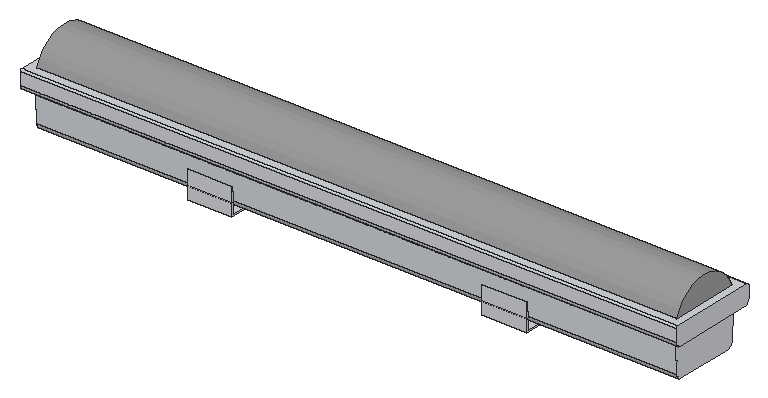
Revit family "0010202", category Lighting Fixtures, host Face, Revit 2017 (continued)
Types (60, lengths in mm): name | Weight | Wattage | TypeName | built-in parameter 1150134 | Photometric Web File | built-in parameter 1150142 | PowerFactor | PowerConsumption | NominalLength | Name | ModelReference | ModelNumber | Model | LuminousEfficacy | built-in parameter 1150105 | Lumens | LampNominalLuminous | LampMacAdamStep | LampColourTemperature | LENGHT_SYL | LENGHT_CHAMFER_SYL | LENGHT-_SYL | LENGHT-_CHAMFER_SYL | L0650_SYL | L1500_SYL | L1200_SYL | built-in parameter 1150107 | built-in parameter 1150106 | built-in parameter 1150104 | DocumentationLiterature | Description | BRACKET_WIDTH_SYL | BRACKET_DIST_SYL | Apparent Load
  0010218 RESISTO 1200 IP66 2800LM 840 EM | "2.12 kg" | 25 W | "Resisto  1200 IP66 2800lm 840 EM" | 12 | "0010218.ies" | "IESNA:LM-63-2002\r\n[TEST] 0010218\r\n[TESTLAB]\r\n[MANUFAC] \r\n[LUMCAT]\r\n[LUMINAIRE] Resisto  1200 IP66 2800lm 840  EM /4000 \r\n[LAMP] 0010218 Resisto  1200 IP66 280/4000\r\n[BALLAST] \r\n[ISSUEDATE]\r\n[OTHER] B-Angle = 0.00 B-Tilt = 0.00 2021-02-16\r\nTILT=NONE\r\n1 2800.00 1 37 5 1 2 0.087 1.200 0.040\r\n1.0 1.0 25.00\r\n   0.00   5.00  10.00  15.00  20.00  25.00  30.00  35.00  40.00  45.00\r\n  50.00  55.00  60.00  65.00  70.00  75.00  80.00  85.00  90.00  95.00\r\n 100.00 105.00 110.00 115.00 120.00 125.00 130.00 135.00 140.00 145.00\r\n 150.00 155.00 160.00 165.00 170.00 175.00 180.00\r\n   0.00  22.50  45.00  67.50  90.00\r\n     920.25     916.16     903.39     881.58     851.51     811.86     762.22\r\n     704.59     640.53     571.26     498.57     424.09     349.02     273.95\r\n     200.48     129.08      64.18      16.44       2.49       2.46       2.55\r\n       2.35       2.52       2.80       3.14       3.47       3.84       4.26\r\n       4.68       5.12       5.60       6.05       6.50       6.92       7.25\r\n       7.48       7.62\r\n     920.25     914.98     897.79     871.81     841.74     808.05     766.30\r\n     716.74     662.82     605.22     542.33     469.95     385.36     297.58\r\n     218.79     153.41     101.86      62.69      34.80      15.71       7.48\r\n       2.97       3.14       3.39       3.67       3.92       4.20       4.54\r\n       4.93       5.35       5.77       6.19       6.61       6.97       7.25\r\n       7.48       7.62\r\n     920.25     910.73     890.32     876.46     854.70     830.14     805.45\r\n     771.12     727.55     658.70     561.04     455.90     364.20     290.72\r\n     232.06     184.27     144.65     111.30      83.92      60.73      41.41\r\n      25.65      13.89       6.47       4.98       5.10       5.15       5.21\r\n       5.32       5.52       5.77       6.10       6.50       6.89       7.22\r\n       7.45       7.62\r\n     920.25     907.14     893.34     883.18     871.08     858.73     838.96\r\n     802.51     735.45     635.46     532.84     443.74     370.30     309.90\r\n     260.18     218.51     181.36     147.64     118.24      88.48      59.44\r\n      40.32      27.13      17.16       9.97       6.16       6.05       5.96\r\n       5.91       5.94       5.99       6.19       6.50       6.92       7.28\r\n       7.53       7.62\r\n     920.25     906.22     895.47     885.05     880.82     867.13     850.36\r\n     806.85     725.45     623.59     526.46     444.02     375.09     319.23\r\n     272.75     233.07     196.00     160.72     127.26      92.93      62.80\r\n      45.22      31.75      22.06      14.62       8.99       7.48       7.28\r\n       7.11       7.00       6.97       7.06       7.22       7.48       7.67\r\n       7.73       7.62\r\n" | 0.95 | "25 W" | 1200 | "Resisto  1200 IP66 2800lm 840 EM" | "Resisto  1200 IP66 2800lm 840 EM" | "0010218" | "Resisto  1200 IP66 2800lm 840 EM" | "112 lm/W" | 920.25 (stored number, unit not read) | 2800 lm | "2800 lm" | "5" | "4000 K" | 592 | 600 | -592 | -600 | no | no | yes | 4000 (stored number, unit not read) | 9.2025 (stored number, unit not read) | 10.405 (stored number, unit not read) | "http://www.sylvania-lighting.com/product/en-int/products/0010218" | "Resisto, integrated LED weatherproof luminaire, with UV stabilized flat diffuser designed to achieve uniform lit appearance, optimise light output and to reduce glare. 301 stainless steel diffuser clips and fixing brackets for surface mounting. Polycarbonate housing and diffuser - no yellow discolouration over time. 2800lm; 25W; 112lm/W; 4000K; SDCM<5; non dimmable; CRI80; IP66; IK08; Class I; 69,000hrs (L80B20) lifespan; 1200mm x 89mm x 88mm; D-mark; 3-hour maintained emergency batteries." | 400 | 444 | 25 VA
  0010217 RESISTO 1200 IP66 4800LM 840 5XTH | "1.72 kg" | 35 W | "Resisto 1200 IP66 4800lm 840 5xTH" | 12 | "0010217.ies" | "IESNA:LM-63-2002\r\n[TEST] 0010217\r\n[TESTLAB]\r\n[MANUFAC] \r\n[LUMCAT]\r\n[LUMINAIRE] Resisto 1200 IP66 4800lm 840 5 xTH /4000 \r\n[LAMP] 0010217 Resisto 1200 IP66 4800/4000\r\n[BALLAST] \r\n[ISSUEDATE]\r\n[OTHER] B-Angle = 0.00 B-Tilt = 0.00 2021-02-16\r\nTILT=NONE\r\n1 4800.00 1 37 5 1 2 0.087 1.200 0.040\r\n1.0 1.0 35.00\r\n   0.00   5.00  10.00  15.00  20.00  25.00  30.00  35.00  40.00  45.00\r\n  50.00  55.00  60.00  65.00  70.00  75.00  80.00  85.00  90.00  95.00\r\n 100.00 105.00 110.00 115.00 120.00 125.00 130.00 135.00 140.00 145.00\r\n 150.00 155.00 160.00 165.00 170.00 175.00 180.00\r\n   0.00  22.50  45.00  67.50  90.00\r\n    1585.30    1578.91    1557.22    1520.74    1469.66    1401.70    1317.94\r\n    1219.39    1109.18     989.81     864.72     736.13     606.34     476.21\r\n     348.19     224.11     111.22      27.50       4.18       4.37       4.27\r\n       4.08       4.51       4.99       5.57       6.19       6.82       7.54\r\n       8.26       9.02       9.84      10.61      11.38      12.10      12.72\r\n      13.10      13.30\r\n    1585.30    1570.46    1538.98    1498.70    1452.77    1396.03    1324.27\r\n    1241.28    1151.66    1052.98     942.19     811.20     658.03     504.43\r\n     370.46     260.59     174.00     108.24      60.86      27.89      13.54\r\n       5.33       5.57       6.00       6.48       6.91       7.34       7.92\r\n       8.54       9.31      10.03      10.75      11.47      12.14      12.58\r\n      13.01      13.30\r\n    1585.30    1561.15    1534.03    1512.67    1473.50    1439.71    1393.78\r\n    1337.04    1254.29    1125.07     948.14     769.01     616.85     494.54\r\n     396.24     315.60     248.40     191.57     144.72     104.69      70.94\r\n      43.82      23.71      11.33       8.78       8.98       9.07       9.17\r\n       9.36       9.70      10.13      10.70      11.38      12.05      12.62\r\n      12.96      13.30\r\n    1585.30    1555.73    1542.58    1520.30    1508.74    1481.04    1448.88\r\n    1376.93    1246.27    1070.35     897.55     750.29     627.46     526.90\r\n     443.95     373.97     310.37     252.43     201.26     147.98      99.12\r\n      67.34      45.65      29.04      17.09      10.80      10.61      10.42\r\n      10.32      10.32      10.46      10.80      11.33      12.00      12.62\r\n      13.06      13.30\r\n    1585.30    1554.14    1545.98    1525.30    1522.85    1497.60    1461.26\r\n    1376.26    1223.62    1048.85     887.38     750.24     635.04     542.21\r\n     463.87     396.82     332.78     271.87     213.46     153.31     104.16\r\n      75.26      53.14      36.91      24.53      15.22      12.96      12.67\r\n      12.38      12.19      12.14      12.29      12.58      13.01      13.34\r\n      13.49      13.30\r\n" | 0.95 | "35 W" | 1200 | "Resisto 1200 IP66 4800lm 840 5xTH" | "Resisto 1200 IP66 4800lm 840 5xTH" | "0010217" | "Resisto 1200 IP66 4800lm 840 5xTH" | "137 lm/W" | 1583.6 (stored number, unit not read) | 4795 lm | "4800 lm" | "5" | "4000 K" | 592 | 600 | -592 | -600 | no | no | yes | 4000 (stored number, unit not read) | 15.836 (stored number, unit not read) | 12.728 (stored number, unit not read) | "http://www.sylvania-lighting.com/product/en-int/products/0010217" | "Resisto, integrated LED weatherproof luminaire, with UV stabilized flat diffuser designed to achieve uniform lit appearance, optimise light output and to reduce glare. 301 stainless steel diffuser clips and fixing brackets for surface mounting. Polycarbonate housing and diffuser - no yellow discolouration over time. 4800lm; 35W; 137lm/W; 4000K; SDCM<5; non dimmable; CRI80; IP66; IK08; Class I; 69,000hrs (L80B20) lifespan; 1200mm x 89mm x 88mm; D-mark; through wiring." | 400 | 444 | 35 VA
  0010216 RESISTO 1200 IP66 2800LM 840 5XTH | "1.68 kg" | 21 W | "Resisto 1200 IP66 2800lm 840 5xTH" | 12 | "0010216.ies" | "IESNA:LM-63-2002\r\n[TEST] 0010216\r\n[TESTLAB]\r\n[MANUFAC] \r\n[LUMCAT]\r\n[LUMINAIRE] Resisto 1200 IP66 2800lm 840 5 xTH /4000 \r\n[LAMP] 0010216 Resisto 1200 IP66 2800/4000\r\n[BALLAST] \r\n[ISSUEDATE]\r\n[OTHER] B-Angle = 0.00 B-Tilt = 0.00 2021-02-16\r\nTILT=NONE\r\n1 2800.00 1 37 5 1 2 0.087 1.200 0.040\r\n1.0 1.0 21.00\r\n   0.00   5.00  10.00  15.00  20.00  25.00  30.00  35.00  40.00  45.00\r\n  50.00  55.00  60.00  65.00  70.00  75.00  80.00  85.00  90.00  95.00\r\n 100.00 105.00 110.00 115.00 120.00 125.00 130.00 135.00 140.00 145.00\r\n 150.00 155.00 160.00 165.00 170.00 175.00 180.00\r\n   0.00  22.50  45.00  67.50  90.00\r\n     920.25     916.16     903.39     881.58     851.51     811.86     762.22\r\n     704.59     640.53     571.26     498.57     424.09     349.02     273.95\r\n     200.48     129.08      64.18      16.44       2.49       2.46       2.55\r\n       2.35       2.52       2.80       3.14       3.47       3.84       4.26\r\n       4.68       5.12       5.60       6.05       6.50       6.92       7.25\r\n       7.48       7.62\r\n     920.25     914.98     897.79     871.81     841.74     808.05     766.30\r\n     716.74     662.82     605.22     542.33     469.95     385.36     297.58\r\n     218.79     153.41     101.86      62.69      34.80      15.71       7.48\r\n       2.97       3.14       3.39       3.67       3.92       4.20       4.54\r\n       4.93       5.35       5.77       6.19       6.61       6.97       7.25\r\n       7.48       7.62\r\n     920.25     910.73     890.32     876.46     854.70     830.14     805.45\r\n     771.12     727.55     658.70     561.04     455.90     364.20     290.72\r\n     232.06     184.27     144.65     111.30      83.92      60.73      41.41\r\n      25.65      13.89       6.47       4.98       5.10       5.15       5.21\r\n       5.32       5.52       5.77       6.10       6.50       6.89       7.22\r\n       7.45       7.62\r\n     920.25     907.14     893.34     883.18     871.08     858.73     838.96\r\n     802.51     735.45     635.46     532.84     443.74     370.30     309.90\r\n     260.18     218.51     181.36     147.64     118.24      88.48      59.44\r\n      40.32      27.13      17.16       9.97       6.16       6.05       5.96\r\n       5.91       5.94       5.99       6.19       6.50       6.92       7.28\r\n       7.53       7.62\r\n     920.25     906.22     895.47     885.05     880.82     867.13     850.36\r\n     806.85     725.45     623.59     526.46     444.02     375.09     319.23\r\n     272.75     233.07     196.00     160.72     127.26      92.93      62.80\r\n      45.22      31.75      22.06      14.62       8.99       7.48       7.28\r\n       7.11       7.00       6.97       7.06       7.22       7.48       7.67\r\n       7.73       7.62\r\n" | 0.95 | "21 W" | 1200 | "Resisto 1200 IP66 2800lm 840 5xTH" | "Resisto 1200 IP66 2800lm 840 5xTH" | "0010216" | "Resisto 1200 IP66 2800lm 840 5xTH" | "133 lm/W" | 917.95 (stored number, unit not read) | 2793 lm | "2800 lm" | "5" | "4000 K" | 592 | 600 | -592 | -600 | no | no | yes | 4000 (stored number, unit not read) | 9.1795 (stored number, unit not read) | 12.356 (stored number, unit not read) | "http://www.sylvania-lighting.com/product/en-int/products/0010216" | "Resisto, integrated LED weatherproof luminaire, with UV stabilized flat diffuser designed to achieve uniform lit appearance, optimise light output and to reduce glare. 301 stainless steel diffuser clips and fixing brackets for surface mounting. Polycarbonate housing and diffuser - no yellow discolouration over time. 2800lm; 21W; 133lm/W; 4000K; SDCM<5; non dimmable; CRI80; IP66; IK08; Class I; 69,000hrs (L80B20) lifespan; 1200mm x 89mm x 88mm; D-mark; through wiring." | 400 | 444 | 21 VA
  0010215 RESISTO 1200 IP66 4800LM 840 QC | "1.61 kg" | 35 W | "Resisto  1200 IP66 4800lm 840 QC" | 12 | "0010215.ies" | "IESNA:LM-63-2002\r\n[TEST] 0010215\r\n[TESTLAB]\r\n[MANUFAC] \r\n[LUMCAT]\r\n[LUMINAIRE] Resisto  1200 IP66 4800lm 840  QC /4000 \r\n[LAMP] 0010215 Resisto  1200 IP66 480/4000\r\n[BALLAST] \r\n[ISSUEDATE]\r\n[OTHER] B-Angle = 0.00 B-Tilt = 0.00 2021-02-16\r\nTILT=NONE\r\n1 4800.00 1 37 5 1 2 0.087 1.200 0.040\r\n1.0 1.0 35.00\r\n   0.00   5.00  10.00  15.00  20.00  25.00  30.00  35.00  40.00  45.00\r\n  50.00  55.00  60.00  65.00  70.00  75.00  80.00  85.00  90.00  95.00\r\n 100.00 105.00 110.00 115.00 120.00 125.00 130.00 135.00 140.00 145.00\r\n 150.00 155.00 160.00 165.00 170.00 175.00 180.00\r\n   0.00  22.50  45.00  67.50  90.00\r\n    1585.30    1578.91    1557.22    1520.74    1469.66    1401.70    1317.94\r\n    1219.39    1109.18     989.81     864.72     736.13     606.34     476.21\r\n     348.19     224.11     111.22      27.50       4.18       4.37       4.27\r\n       4.08       4.51       4.99       5.57       6.19       6.82       7.54\r\n       8.26       9.02       9.84      10.61      11.38      12.10      12.72\r\n      13.10      13.30\r\n    1585.30    1570.46    1538.98    1498.70    1452.77    1396.03    1324.27\r\n    1241.28    1151.66    1052.98     942.19     811.20     658.03     504.43\r\n     370.46     260.59     174.00     108.24      60.86      27.89      13.54\r\n       5.33       5.57       6.00       6.48       6.91       7.34       7.92\r\n       8.54       9.31      10.03      10.75      11.47      12.14      12.58\r\n      13.01      13.30\r\n    1585.30    1561.15    1534.03    1512.67    1473.50    1439.71    1393.78\r\n    1337.04    1254.29    1125.07     948.14     769.01     616.85     494.54\r\n     396.24     315.60     248.40     191.57     144.72     104.69      70.94\r\n      43.82      23.71      11.33       8.78       8.98       9.07       9.17\r\n       9.36       9.70      10.13      10.70      11.38      12.05      12.62\r\n      12.96      13.30\r\n    1585.30    1555.73    1542.58    1520.30    1508.74    1481.04    1448.88\r\n    1376.93    1246.27    1070.35     897.55     750.29     627.46     526.90\r\n     443.95     373.97     310.37     252.43     201.26     147.98      99.12\r\n      67.34      45.65      29.04      17.09      10.80      10.61      10.42\r\n      10.32      10.32      10.46      10.80      11.33      12.00      12.62\r\n      13.06      13.30\r\n    1585.30    1554.14    1545.98    1525.30    1522.85    1497.60    1461.26\r\n    1376.26    1223.62    1048.85     887.38     750.24     635.04     542.21\r\n     463.87     396.82     332.78     271.87     213.46     153.31     104.16\r\n      75.26      53.14      36.91      24.53      15.22      12.96      12.67\r\n      12.38      12.19      12.14      12.29      12.58      13.01      13.34\r\n      13.49      13.30\r\n" | 0.95 | "35 W" | 1212 | "Resisto  1200 IP66 4800lm 840 QC" | "Resisto  1200 IP66 4800lm 840 QC" | "0010215" | "Resisto  1200 IP66 4800lm 840 QC" | "137 lm/W" | 1583.6 (stored number, unit not read) | 4795 lm | "4800 lm" | "5" | "4000 K" | 592 | 600 | -592 | -600 | no | no | yes | 4000 (stored number, unit not read) | 15.836 (stored number, unit not read) | 12.728 (stored number, unit not read) | "http://www.sylvania-lighting.com/product/en-int/products/0010215" | "Resisto, integrated LED weatherproof luminaire, with UV stabilized flat diffuser designed to achieve uniform lit appearance, optimise light output and to reduce glare. 301 stainless steel diffuser clips and fixing brackets for surface mounting. Polycarbonate housing and diffuser - no yellow discolouration over time. 4800lm; 35W; 137lm/W; 4000K; SDCM<5; non dimmable; CRI80; IP66; IK08; Class I; 69,000hrs (L80B20) lifespan; 1200mm x 89mm x 88mm; D-mark; assembled with quick connector." | 400 | 444 | 35 VA
  0010214 RESISTO 1200 IP66 2800LM 840 QC | "1.57 kg" | 21 W | "Resisto  1200 IP66 2800lm 840 QC" | 12 | "0010214.ies" | "IESNA:LM-63-2002\r\n[TEST] 0010214\r\n[TESTLAB]\r\n[MANUFAC] \r\n[LUMCAT]\r\n[LUMINAIRE] Resisto  1200 IP66 2800lm 840  QC /4000 \r\n[LAMP] 0010214 Resisto  1200 IP66 280/4000\r\n[BALLAST] \r\n[ISSUEDATE]\r\n[OTHER] B-Angle = 0.00 B-Tilt = 0.00 2021-02-16\r\nTILT=NONE\r\n1 2800.00 1 37 5 1 2 0.087 1.200 0.040\r\n1.0 1.0 21.00\r\n   0.00   5.00  10.00  15.00  20.00  25.00  30.00  35.00  40.00  45.00\r\n  50.00  55.00  60.00  65.00  70.00  75.00  80.00  85.00  90.00  95.00\r\n 100.00 105.00 110.00 115.00 120.00 125.00 130.00 135.00 140.00 145.00\r\n 150.00 155.00 160.00 165.00 170.00 175.00 180.00\r\n   0.00  22.50  45.00  67.50  90.00\r\n     920.25     916.16     903.39     881.58     851.51     811.86     762.22\r\n     704.59     640.53     571.26     498.57     424.09     349.02     273.95\r\n     200.48     129.08      64.18      16.44       2.49       2.46       2.55\r\n       2.35       2.52       2.80       3.14       3.47       3.84       4.26\r\n       4.68       5.12       5.60       6.05       6.50       6.92       7.25\r\n       7.48       7.62\r\n     920.25     914.98     897.79     871.81     841.74     808.05     766.30\r\n     716.74     662.82     605.22     542.33     469.95     385.36     297.58\r\n     218.79     153.41     101.86      62.69      34.80      15.71       7.48\r\n       2.97       3.14       3.39       3.67       3.92       4.20       4.54\r\n       4.93       5.35       5.77       6.19       6.61       6.97       7.25\r\n       7.48       7.62\r\n     920.25     910.73     890.32     876.46     854.70     830.14     805.45\r\n     771.12     727.55     658.70     561.04     455.90     364.20     290.72\r\n     232.06     184.27     144.65     111.30      83.92      60.73      41.41\r\n      25.65      13.89       6.47       4.98       5.10       5.15       5.21\r\n       5.32       5.52       5.77       6.10       6.50       6.89       7.22\r\n       7.45       7.62\r\n     920.25     907.14     893.34     883.18     871.08     858.73     838.96\r\n     802.51     735.45     635.46     532.84     443.74     370.30     309.90\r\n     260.18     218.51     181.36     147.64     118.24      88.48      59.44\r\n      40.32      27.13      17.16       9.97       6.16       6.05       5.96\r\n       5.91       5.94       5.99       6.19       6.50       6.92       7.28\r\n       7.53       7.62\r\n     920.25     906.22     895.47     885.05     880.82     867.13     850.36\r\n     806.85     725.45     623.59     526.46     444.02     375.09     319.23\r\n     272.75     233.07     196.00     160.72     127.26      92.93      62.80\r\n      45.22      31.75      22.06      14.62       8.99       7.48       7.28\r\n       7.11       7.00       6.97       7.06       7.22       7.48       7.67\r\n       7.73       7.62\r\n" | 0.95 | "21 W" | 1212 | "Resisto  1200 IP66 2800lm 840 QC" | "Resisto  1200 IP66 2800lm 840 QC" | "0010214" | "Resisto  1200 IP66 2800lm 840 QC" | "133 lm/W" | 917.95 (stored number, unit not read) | 2793 lm | "2800 lm" | "5" | "4000 K" | 592 | 600 | -592 | -600 | no | no | yes | 4000 (stored number, unit not read) | 9.1795 (stored number, unit not read) | 12.356 (stored number, unit not read) | "http://www.sylvania-lighting.com/product/en-int/products/0010214" | "Resisto, integrated LED weatherproof luminaire, with UV stabilized flat diffuser designed to achieve uniform lit appearance, optimise light output and to reduce glare. 301 stainless steel diffuser clips and fixing brackets for surface mounting. Polycarbonate housing and diffuser - no yellow discolouration over time. 2800lm; 21W; 133lm/W; 4000K; SDCM<5; non dimmable; CRI80; IP66; IK08; Class I; 69,000hrs (L80B20) lifespan; 1200mm x 89mm x 88mm; D-mark; assembled with quick connector." | 400 | 444 | 21 VA
  0010213 RESISTO 1200 IP66 4800LM 865 | "1.54 kg" | 35 W | "Resisto  1200 IP66 4800lm 865" | 1 | "0010213.ies" | "IESNA:LM-63-2002\r\n[TEST] 0010213\r\n[TESTLAB]\r\n[MANUFAC] \r\n[LUMCAT]\r\n[LUMINAIRE] Resisto  1200 IP66 4800lm 865  /6500 \r\n[LAMP] 0010213 Resisto  1200 IP66 480/6500\r\n[BALLAST] \r\n[ISSUEDATE]\r\n[OTHER] B-Angle = 0.00 B-Tilt = 0.00 2021-02-16\r\nTILT=NONE\r\n1 4800.00 1 37 5 1 2 0.087 1.200 0.040\r\n1.0 1.0 35.00\r\n   0.00   5.00  10.00  15.00  20.00  25.00  30.00  35.00  40.00  45.00\r\n  50.00  55.00  60.00  65.00  70.00  75.00  80.00  85.00  90.00  95.00\r\n 100.00 105.00 110.00 115.00 120.00 125.00 130.00 135.00 140.00 145.00\r\n 150.00 155.00 160.00 165.00 170.00 175.00 180.00\r\n   0.00  22.50  45.00  67.50  90.00\r\n    1585.30    1578.91    1557.22    1520.74    1469.66    1401.70    1317.94\r\n    1219.39    1109.18     989.81     864.72     736.13     606.34     476.21\r\n     348.19     224.11     111.22      27.50       4.18       4.37       4.27\r\n       4.08       4.51       4.99       5.57       6.19       6.82       7.54\r\n       8.26       9.02       9.84      10.61      11.38      12.10      12.72\r\n      13.10      13.30\r\n    1585.30    1570.46    1538.98    1498.70    1452.77    1396.03    1324.27\r\n    1241.28    1151.66    1052.98     942.19     811.20     658.03     504.43\r\n     370.46     260.59     174.00     108.24      60.86      27.89      13.54\r\n       5.33       5.57       6.00       6.48       6.91       7.34       7.92\r\n       8.54       9.31      10.03      10.75      11.47      12.14      12.58\r\n      13.01      13.30\r\n    1585.30    1561.15    1534.03    1512.67    1473.50    1439.71    1393.78\r\n    1337.04    1254.29    1125.07     948.14     769.01     616.85     494.54\r\n     396.24     315.60     248.40     191.57     144.72     104.69      70.94\r\n      43.82      23.71      11.33       8.78       8.98       9.07       9.17\r\n       9.36       9.70      10.13      10.70      11.38      12.05      12.62\r\n      12.96      13.30\r\n    1585.30    1555.73    1542.58    1520.30    1508.74    1481.04    1448.88\r\n    1376.93    1246.27    1070.35     897.55     750.29     627.46     526.90\r\n     443.95     373.97     310.37     252.43     201.26     147.98      99.12\r\n      67.34      45.65      29.04      17.09      10.80      10.61      10.42\r\n      10.32      10.32      10.46      10.80      11.33      12.00      12.62\r\n      13.06      13.30\r\n    1585.30    1554.14    1545.98    1525.30    1522.85    1497.60    1461.26\r\n    1376.26    1223.62    1048.85     887.38     750.24     635.04     542.21\r\n     463.87     396.82     332.78     271.87     213.46     153.31     104.16\r\n      75.26      53.14      36.91      24.53      15.22      12.96      12.67\r\n      12.38      12.19      12.14      12.29      12.58      13.01      13.34\r\n      13.49      13.30\r\n" | 0.95 | "35 W" | 1200 | "Resisto  1200 IP66 4800lm 865" | "Resisto  1200 IP66 4800lm 865" | "0010213" | "Resisto  1200 IP66 4800lm 865" | "137 lm/W" | 1583.6 (stored number, unit not read) | 4795 lm | "4800 lm" | "5" | "6500 K" | 592 | 600 | -592 | -600 | no | no | yes | 6500 (stored number, unit not read) | 15.836 (stored number, unit not read) | 12.728 (stored number, unit not read) | "http://www.sylvania-lighting.com/product/en-int/products/0010213" | "Resisto, integrated LED weatherproof luminaire, with UV stabilized flat diffuser designed to achieve uniform lit appearance, optimise light output and to reduce glare. 301 stainless steel diffuser clips and fixing brackets for surface mounting. Polycarbonate housing and diffuser - no yellow discolouration over time. 4800lm; 35W; 137lm/W; 6500K; SDCM<5; non dimmable; CRI80; IP66; IK08; Class I; 69,000hrs (L80B20) lifespan; 1200mm x 89mm x 88mm; D-mark." | 400 | 444 | 35 VA
  0010212 RESISTO 1200 IP66 2800LM 865 | "1.5 kg" | 21 W | "Resisto  1200 IP66 2800lm 865" | 1 | "0010212.ies" | "IESNA:LM-63-2002\r\n[TEST] 0010212\r\n[TESTLAB]\r\n[MANUFAC] \r\n[LUMCAT]\r\n[LUMINAIRE] Resisto  1200 IP66 2800lm 865  /6500 \r\n[LAMP] 0010212 Resisto  1200 IP66 280/6500\r\n[BALLAST] \r\n[ISSUEDATE]\r\n[OTHER] B-Angle = 0.00 B-Tilt = 0.00 2021-02-16\r\nTILT=NONE\r\n1 2800.00 1 37 5 1 2 0.087 1.200 0.040\r\n1.0 1.0 21.00\r\n   0.00   5.00  10.00  15.00  20.00  25.00  30.00  35.00  40.00  45.00\r\n  50.00  55.00  60.00  65.00  70.00  75.00  80.00  85.00  90.00  95.00\r\n 100.00 105.00 110.00 115.00 120.00 125.00 130.00 135.00 140.00 145.00\r\n 150.00 155.00 160.00 165.00 170.00 175.00 180.00\r\n   0.00  22.50  45.00  67.50  90.00\r\n     920.25     916.16     903.39     881.58     851.51     811.86     762.22\r\n     704.59     640.53     571.26     498.57     424.09     349.02     273.95\r\n     200.48     129.08      64.18      16.44       2.49       2.46       2.55\r\n       2.35       2.52       2.80       3.14       3.47       3.84       4.26\r\n       4.68       5.12       5.60       6.05       6.50       6.92       7.25\r\n       7.48       7.62\r\n     920.25     914.98     897.79     871.81     841.74     808.05     766.30\r\n     716.74     662.82     605.22     542.33     469.95     385.36     297.58\r\n     218.79     153.41     101.86      62.69      34.80      15.71       7.48\r\n       2.97       3.14       3.39       3.67       3.92       4.20       4.54\r\n       4.93       5.35       5.77       6.19       6.61       6.97       7.25\r\n       7.48       7.62\r\n     920.25     910.73     890.32     876.46     854.70     830.14     805.45\r\n     771.12     727.55     658.70     561.04     455.90     364.20     290.72\r\n     232.06     184.27     144.65     111.30      83.92      60.73      41.41\r\n      25.65      13.89       6.47       4.98       5.10       5.15       5.21\r\n       5.32       5.52       5.77       6.10       6.50       6.89       7.22\r\n       7.45       7.62\r\n     920.25     907.14     893.34     883.18     871.08     858.73     838.96\r\n     802.51     735.45     635.46     532.84     443.74     370.30     309.90\r\n     260.18     218.51     181.36     147.64     118.24      88.48      59.44\r\n      40.32      27.13      17.16       9.97       6.16       6.05       5.96\r\n       5.91       5.94       5.99       6.19       6.50       6.92       7.28\r\n       7.53       7.62\r\n     920.25     906.22     895.47     885.05     880.82     867.13     850.36\r\n     806.85     725.45     623.59     526.46     444.02     375.09     319.23\r\n     272.75     233.07     196.00     160.72     127.26      92.93      62.80\r\n      45.22      31.75      22.06      14.62       8.99       7.48       7.28\r\n       7.11       7.00       6.97       7.06       7.22       7.48       7.67\r\n       7.73       7.62\r\n" | 0.95 | "21 W" | 1200 | "Resisto  1200 IP66 2800lm 865" | "Resisto  1200 IP66 2800lm 865" | "0010212" | "Resisto  1200 IP66 2800lm 865" | "133 lm/W" | 917.95 (stored number, unit not read) | 2793 lm | "2800 lm" | "5" | "6500 K" | 592 | 600 | -592 | -600 | no | no | yes | 6500 (stored number, unit not read) | 9.1795 (stored number, unit not read) | 12.356 (stored number, unit not read) | "http://www.sylvania-lighting.com/product/en-int/products/0010212" | "Resisto, integrated LED weatherproof luminaire, with UV stabilized flat diffuser designed to achieve uniform lit appearance, optimise light output and to reduce glare. 301 stainless steel diffuser clips and fixing brackets for surface mounting. Polycarbonate housing and diffuser - no yellow discolouration over time. 2800lm; 21W; 133lm/W; 6500K; SDCM<5; non dimmable; CRI80; IP66; IK08; Class I; 69,000hrs (L80B20) lifespan; 1200mm x 89mm x 88mm; D-mark." | 400 | 444 | 21 VA
  0010211 RESISTO 1200 IP66 4800LM 840 | "11.88 kg" | 35 W | "Resisto  1200 IP66 4800lm 840" | 12 | "0010211.ies" | "IESNA:LM-63-2002\r\n[TEST] 0010211\r\n[TESTLAB] Sylvania\r\n[TESTDATE] 2 Nov 2020\r\n[ISSUEDATE] 2 Nov 2020\r\n[MANUFAC] Sylvania\r\n[LUMCAT] 0010211\r\n[LUMINAIRE] Resisto  1200 IP65 4800lm 840\r\n[FLASHAREA] 0.071831\r\n[LAMPCAT] 0010211 Resisto  1200 IP65 4800lm 840\r\n[LAMP] 0010211 Resisto  1200 IP65 4800lm 840\r\n[OTHER] Absolute Photometry\r\nTILT=NONE\r\n1 -1 1.0 37 5 1 2 0.087 1.200 0.040\r\n1.00 1.00 35.00\r\n0.00 5.00 10.00 15.00 20.00 25.00 30.00 35.00 40.00 45.00 \r\n50.00 55.00 60.00 65.00 70.00 75.00 80.00 85.00 90.00 \r\n95.00 100.00 105.00 110.00 115.00 120.00 125.00 130.00 \r\n135.00 140.00 145.00 150.00 155.00 160.00 165.00 170.00 \r\n175.00 180.00 \r\n0.00 22.50 45.00 67.50 90.00 \r\n1585.28 1578.92 1557.22 1520.73 1469.67 1401.68 1317.92 \r\n1219.41 1109.18 989.80 864.73 736.11 606.34 476.22 348.19 \r\n224.12 111.23 27.49 4.17 4.38 4.28 4.08 4.52 4.98 5.58 \r\n6.20 6.83 7.52 8.25 9.04 9.85 10.62 11.40 12.09 12.71 \r\n13.11 13.31 \r\n1585.28 1570.45 1538.97 1498.72 1452.79 1396.04 1324.29 \r\n1241.26 1151.65 1052.99 942.17 811.22 658.01 504.45 \r\n370.48 260.57 174.02 108.23 60.88 27.89 13.56 5.34 5.56 \r\n5.98 6.48 6.92 7.36 7.91 8.55 9.29 10.02 10.75 11.48 \r\n12.12 12.59 13.01 13.31 \r\n1585.28 1561.17 1534.04 1512.65 1473.50 1439.70 1393.78 \r\n1337.02 1254.31 1125.05 948.13 769.01 616.84 494.52 \r\n396.22 315.58 248.41 191.56 144.71 104.70 70.93 43.82 \r\n23.71 11.34 8.78 8.97 9.07 9.18 9.35 9.68 10.11 10.71 \r\n11.39 12.04 12.61 12.94 13.31 \r\n1585.28 1555.75 1542.57 1520.31 1508.73 1481.03 1448.89 \r\n1376.91 1246.28 1070.36 897.57 750.28 627.46 526.91 \r\n443.98 373.96 310.37 252.44 201.28 147.98 99.12 67.34 \r\n45.62 29.03 17.08 10.82 10.61 10.43 10.33 10.31 10.46 \r\n10.78 11.33 12.02 12.64 13.06 13.31 \r\n1585.28 1554.13 1545.99 1525.30 1522.86 1497.60 1461.25 \r\n1376.26 1223.59 1048.84 887.37 750.23 635.04 542.20 \r\n463.86 396.83 332.81 271.87 213.47 153.32 104.17 75.25 \r\n53.14 36.91 24.52 15.22 12.97 12.65 12.38 12.20 12.13 \r\n12.26 12.58 13.03 13.36 13.51 13.31 \r\n" | 0.95 | "35.0 W" | 1200 | "Resisto  1200 IP66 4800lm 840" | "Resisto  1200 IP66 4800lm 840" | "0010211" | "Resisto  1200 IP66 4800lm 840" | "137 lm/W" | -7601417.6 (stored number, unit not read) | 4795 lm | "4800 lm" | "5" | "4000 K" | 592 | 600 | -592 | -600 | no | no | yes | 4000 (stored number, unit not read) | -76014.2 (stored number, unit not read) | 12.728 (stored number, unit not read) | "http://www.sylvania-lighting.com/product/en-int/products/0010211" | "Resisto, integrated LED weatherproof luminaire, with UV stabilized flat diffuser designed to achieve uniform lit appearance, optimise light output and to reduce glare. 301 stainless steel diffuser clips and fixing brackets for surface mounting. Polycarbonate housing and diffuser - no yellow discolouration over time. 4800lm; 35W; 137lm/W; 4000K; SDCM<5; non dimmable; CRI80; IP66; IK08; Class I; 69,000hrs (L80B20) lifespan; 1200mm x 89mm x 88mm; D-mark." | 400 | 444 | 35 VA
  0010210 RESISTO 1200 IP66 2800LM 840 | "11.88 kg" | 21 W | "Resisto  1200 IP66 2800lm 840" | 12 | "0010210.ies" | "IESNA:LM-63-2002\r\n[TEST] 0010210\r\n[TESTLAB] Sylvania\r\n[TESTDATE] 2 Nov 2020\r\n[ISSUEDATE] 2 Nov 2020\r\n[MANUFAC] Sylvania\r\n[LUMCAT] 0010210\r\n[LUMINAIRE] Resisto  1200 IP65 2800lm 840\r\n[FLASHAREA] 0.071831\r\n[LAMPCAT] 0010210 Resisto  1200 IP65 2800lm 840\r\n[LAMP] 0010210 Resisto  1200 IP65 2800lm 840\r\n[OTHER] Absolute Photometry\r\nTILT=NONE\r\n1 -1 1.0 37 5 1 2 0.087 1.200 0.040\r\n1.00 1.00 21.00\r\n0.00 5.00 10.00 15.00 20.00 25.00 30.00 35.00 40.00 45.00 \r\n50.00 55.00 60.00 65.00 70.00 75.00 80.00 85.00 90.00 \r\n95.00 100.00 105.00 110.00 115.00 120.00 125.00 130.00 \r\n135.00 140.00 145.00 150.00 155.00 160.00 165.00 170.00 \r\n175.00 180.00 \r\n0.00 22.50 45.00 67.50 90.00 \r\n920.25 916.15 903.39 881.58 851.50 811.86 762.21 704.60 \r\n640.52 571.25 498.57 424.09 349.01 273.96 200.48 129.09 \r\n64.18 16.43 2.49 2.46 2.54 2.35 2.52 2.79 3.13 3.47 3.84 \r\n4.25 4.67 5.13 5.60 6.05 6.49 6.90 7.25 7.49 7.61 \r\n920.25 914.98 897.79 871.81 841.72 808.05 766.32 716.75 \r\n662.82 605.21 542.34 469.95 385.37 297.57 218.80 153.42 \r\n101.86 62.71 34.79 15.70 7.47 2.96 3.13 3.39 3.66 3.92 \r\n4.19 4.53 4.92 5.34 5.76 6.18 6.60 6.98 7.25 7.49 7.61 \r\n920.25 910.72 890.33 876.46 854.71 830.14 805.45 771.12 \r\n727.54 658.69 561.04 455.90 364.19 290.72 232.08 184.27 \r\n144.65 111.29 83.92 60.73 41.42 25.66 13.90 6.46 4.99 \r\n5.08 5.14 5.22 5.32 5.51 5.77 6.12 6.49 6.88 7.23 7.45 \r\n7.61 \r\n920.25 907.15 893.33 883.19 871.09 858.72 838.95 802.50 \r\n735.44 635.47 532.83 443.75 370.31 309.92 260.17 218.51 \r\n181.36 147.65 118.23 88.47 59.43 40.31 27.13 17.15 9.96 \r\n6.17 6.04 5.96 5.92 5.93 6.00 6.19 6.50 6.90 7.27 7.53 \r\n7.61 \r\n920.25 906.21 895.48 885.06 880.81 867.13 850.36 806.85 \r\n725.46 623.59 526.45 444.03 375.09 319.24 272.74 233.07 \r\n195.99 160.71 127.25 92.92 62.81 45.22 31.75 22.05 14.61 \r\n8.99 7.47 7.28 7.12 7.00 6.99 7.05 7.23 7.48 7.67 7.72 \r\n7.61 \r\n" | 0.95 | "21.0 W" | 1200 | "Resisto  1200 IP66 2800lm 840" | "Resisto  1200 IP66 2800lm 840" | "0010210" | "Resisto  1200 IP66 2800lm 840" | "133 lm/W" | -2570258.2 (stored number, unit not read) | 2793 lm | "2800 lm" | "5" | "4000 K" | 592 | 600 | -592 | -600 | no | no | yes | 4000 (stored number, unit not read) | -25702.6 (stored number, unit not read) | 12.356 (stored number, unit not read) | "http://www.sylvania-lighting.com/product/en-int/products/0010210" | "Resisto, integrated LED weatherproof luminaire, with UV stabilized flat diffuser designed to achieve uniform lit appearance, optimise light output and to reduce glare. 301 stainless steel diffuser clips and fixing brackets for surface mounting. Polycarbonate housing and diffuser - no yellow discolouration over time. 2800lm; 21W; 133lm/W; 4000K; SDCM<5; non dimmable; CRI80; IP66; IK08; Class I; 69,000hrs (L80B20) lifespan; 1200mm x 89mm x 88mm; D-mark." | 400 | 444 | 21 VA
